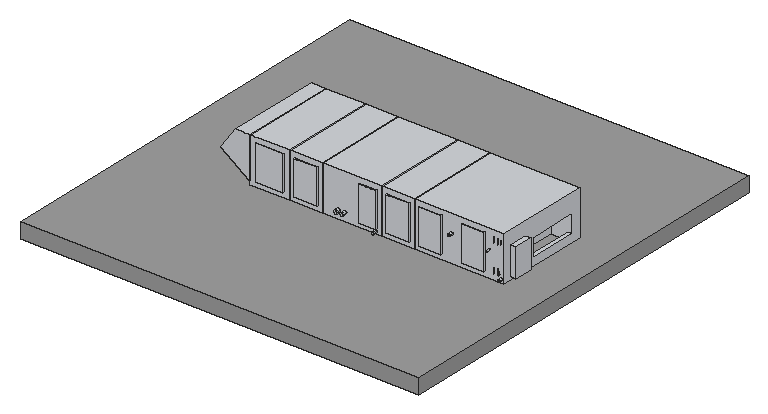
Revit family
Parameters (values of type "4 Row DX-R22")
  Wheel Size [instance] = ""
  Voltage = 480 V
  Unit Weight (lbs) = 3319  # constant formula
  URL = "http://www.appliedair.com"
  Total Static Pressure [instance] = 0.00 in-wg
  Total Heating Capacity [instance] = 0.0 Btu/h
  Total Cooling Capacity [instance] = 0.0 Btu/h
  Temperature Rise [instance] = 0 °F
  Supply Air Pressure Drop [instance] = 0.00 in-wg
  Supply Air Outlet Flow [instance] = 0 CFM
  Supply Air Inlet Flow [instance] = 0 CFM
  Series = "IFL"
  Return Coil Horizontal Offset = 1' - 1"  # constant formula
  Return Air Inlet Flow [instance] = 0 CFM
  Return Air Flow Height = 1' - 8"
  Refrigerant Type = "R22"
  Refrigerant Supply Pressure [instance] = 0.00 psi
  Refrigerant Supply Flow [instance] = 0 GPM
  Refrigerant Return Pressure [instance] = 0.00 psi
  Refrigerant Return Flow [instance] = 0 GPM
  Product URL = "http://www.appliedair.com/ifl.asp"
  Power Vertical Offset = 1' - 2 1/4"
  Power Horizontal Offset = 2' - 6"
  Power Connection Radius = 0' - 0 3/4"
  Phase = 3
  Output Heat [instance] = 0.0 Btu/h
  OmniClass = "23-75 10 24 21 27 17"
  Number of Rows = 4
  Number of Poles = 3
  Nominal Width = 6' - 4"  # constant formula
  Nominal Length = 18' - 11 5/16"  # constant formula
  Nominal Height = 3' - 0"  # constant formula
  Motor Horsepower (HP) [instance] = 0
  Motor Brake Horsepower (BHP) [instance] = 0
  Motor Amps [instance] = 0 A
  Model = "20"
  Minimum Input [instance] = 0.0 Btu/h
  Minimum Air Flow = 1500 CFM
  Maximum Input [instance] = 0.0 Btu/h
  Maximum Air Flow = 5000 CFM
  Manufacturer = "Applied Air"
  M = 3' - 4"  # constant formula
  L = 1' - 2 1/2"  # constant formula
  K = 2' - 4 11/16"  # constant formula
  J = 0' - 6 3/8"  # constant formula
  Heating Leaving Water Temperature [instance] = 0 °F
  Heating Leaving Air Temperature Wet Bulb [instance] = 0 °F
  Heating Leaving Air Temperature Dry Bulb [instance] = 0 °F
  Heating Entering Water Temperature [instance] = 0 °F
  Heating Entering Air Temperature Wet Bulb [instance] = 0 °F
  Heating Entering Air Temperature Dry Bulb [instance] = 0 °F
  Gas Vertical Offset = 1' - 9"  # constant formula
  Gas Horizontal Offset = 0' - 11 1/2"
  Gas Connection Radius = 0' - 0 3/8"  # constant formula
  Condensate Vertical Offset = 0' - 2 3/4"
  Condensate Radius = 0' - 0 3/4"  # constant formula
  Gas Pressure Drop [instance] = 0.00 psi
  Gas Input [instance] = 0.0 Btu/h
  Condensate Drain  Horizontal Offset = 0' - 1 27/32"
  Gas Flow [instance] = 0 GPM
  Condensate Drain Connection Radius = Condensate Radius  # 0' - 0 3/4"
  Furnace Size [instance] = ""
  Frequency = 60 Hz
  Fan Speed (RPM) [instance] = 0
  Face Velocity (FPM) [instance] = 0
  Face Pressure Drop [instance] = 0' - 0"
  Drain Pressure Drop [instance] = 0.00 psi
  Drain Flow [instance] = 0 GPM
  Description = "Dedicated Outside Air Split System"
  Cooling Sensible Capacity [instance] = 0 Btu/h
  Cooling Leaving Air Temperature Wet Bulb [instance] = 0 °F
  Cooling Leaving Air Temperature Dry Bulb [instance] = 0 °F
  Cooling Entering Air Temperature Wet Bulb [instance] = 0 °F
  Cooling Entering Air Temperature Dry Bulb [instance] = 0 °F
  Cooling Coil Radius = 0' 2 1/2" / 2  # 0' - 1 1/4"
  H = 0' - 3 1/16"
  G = 1' - 11 5/16"
  Drain Vertical Offset = 0' - 2"
  Drain Radius = 0' - 1"
  Drain Horizontal Offset = 0' - 5"
  Default Elevation = 4' - 0"
  F = 2' - 2"
  E = 4' - 0"
  D = 5' - 4"
  Combustion Air Flow [instance] = 0 CFM
  Coils Depth = 0' - 3"
  Coil Outlet Vertical Offset = 2' - 5 113/256"  # constant formula
  Coil Face Area = if(Choose Coil Option = 1, 6.00 SF, if(Choose Coil Option = 2, 10.50 SF, 0.00 SF))  # 6.00 SF
  Choose Coil Option = 1
  Coil Inlet Vertical Offsets = 0' - 6 143/256"
  Supply Coil Horizontal Offset = 1' - 6"  # constant formula
  Burner Amps [instance] = 0 A
  B = 6' - 0"
  Assembly Code = "D3030200"
  Apparent Power [instance] = (Motor Amps + Burner Amps) * Voltage * sqrt(3)  # 0 VA
  AHU Material = Galvanized Steel
  24x63 DX Coils = Choose Coil Option = 2  # no
  24x36 DX Coils = Choose Coil Option = 1  # yes
Reference planes (in)
  plane 1 "Center (Front/Back)": y = 0
  plane 2: z = -0.00391
  plane 3 "Center (Left/Right)": x = 0
  plane 4: y = 38
  plane 5: y = -38
  plane 6: x = -24
  plane 7: x = 24
  plane 8: x = 50
  plane 9: z = 35.99609
  plane 10: x = 122
  plane 11: x = -50
  plane 12: x = -82
  plane 13: x = -105.3125
  plane 14: x = -11
  plane 15: x = -6
  plane 16: z = 6.55469
  plane 17: z = 6.55469
  plane 18: y = -41
  plane 19: x = 19
  plane 20: z = 1.99609
  plane 21: x = 80
  plane 22: z = 21.74609
  plane 23: z = 2.74609
  plane 24: x = 120.15625
  plane 25: x = 110.5
  plane 26: z = 20.99609
Forms (in)
  Extrusion 1, solid, material "Default"
    sketch origin (0, 0, 0) x (1, 0, 0) y (0, 1, 0)
      loop
        line (-164.84185, 166) -> (-164.84185, -165.6411) -> (155.35983, -165.6411) -> (155.35983, 166) -> (-164.84185, 166)
    from -0.00391 to -12
  Extrusion 2, solid
    sketch origin (0.62705, 0, 0) x (1, 0, 0) y (0, 0, 1)
      loop
        line (-24.62705, 0) -> (23.37295, 0) -> (23.37295, 35.99609) -> (-24.62705, 35.99609) -> (-24.62705, 0)
    from -38 to 38
  Extrusion 3, solid
    sketch origin (66.62705, 0, 0) x (1, 0, 0) y (0, 0, 1)
      loop
        line (-42.62705, 0) -> (-16.62705, 0) -> (-16.62705, 35.99609) -> (-42.62705, 35.99609) -> (-42.62705, 0)
    from -38 to 38
  Extrusion 4, solid
    sketch origin (120.62705, 0, 0) x (1, 0, 0) y (0, 0, 1)
      loop
        line (-70.62705, 0) -> (1.37295, 0) -> (1.37295, 35.99609) -> (-70.62705, 35.99609) -> (-70.62705, 0)
    from -38 to 38
  Extrusion 5, solid
    sketch origin (-17.37295, 0, 0) x (1, 0, 0) y (0, 0, 1)
      loop
        line (-32.62705, -0.00391) -> (-6.62705, -0.00391) -> (-6.62705, 35.99609) -> (-32.62705, 35.99609) -> (-32.62705, -0.00391)
    from -38 to 38
  Extrusion 6, solid
    sketch origin (-41.37295, 0, 0) x (1, 0, 0) y (0, 0, 1)
      loop
        line (-40.62705, -0.00391) -> (-8.62705, -0.00391) -> (-8.62705, 35.99609) -> (-40.62705, 35.99609) -> (-40.62705, -0.00391)
    from -38 to 38
  Extrusion 7, solid
    sketch origin (0, 0, 0) x (1, 0, 0) y (0, 0, 1)
      loop
        line (-105.3125, 18.99609) -> (-82, 2.99609) -> (-82, 35.99609) -> (-93.64494, 35.99609) -> (-105.3125, 18.99609)
    from -38 to 38
  Extrusion 8, void
    sketch origin (0, 0, 0) x (1, 0, 0) y (0, 1, 0)
      loop
        line (-75, 32) -> (-75, -32) -> (-55, -32) -> (-55, 32) -> (-75, 32)
    from 0 to 31.59567
  Extrusion 9, void
    sketch origin (0, 0, 0) x (0, 1, 0) y (0, 0, 1)
      loop
        line (-32, 9) -> (32, 9) -> (32, 29) -> (-32, 29) -> (-32, 9)
    from -55 to -94.13707
  Extrusion 10, void
    sketch origin (0, 0, 0) x (1, 0, 0) y (0, 1, 0)
      loop
        line (118.9375, -9.3125) -> (118.9375, 30.6875) -> (104.4375, 30.6875) -> (104.4375, -9.3125) -> (118.9375, -9.3125)
    from 0 to 21.23232
  Extrusion 11, void
    sketch origin (0, 0, 0) x (1, 0, 0) y (0, 0, 1)
      loop
        line (122, 6.37109) -> (122, 20.87109) -> (104.4375, 20.87109) -> (104.4375, 6.37109) -> (122, 6.37109)
    from -30.6875 to 9.3125
  Extrusion 12, solid
    sketch origin (0, 0, 0) x (1, 0, 0) y (0, 1, 0)
      loop
        line (122, -17) -> (122, -32) -> (127, -32) -> (127, -17) -> (122, -17)
    from 3.06225 to 25.87762
  Extrusion 13, solid
    sketch origin (0, 0, 0) x (1, 0, 0) y (0, 0, 1)
      loop
        circle (-6, 6.55469) r 1.25
      loop
        circle (-11, 6.55469) r 1.25
      loop
        circle (19, 1.99609) r 1
      loop
        circle (80, 21.74609) r 0.75
      loop
        circle (120.15625, 2.74609) r 0.75
      loop
        circle (110.5, 20.99609) r 0.375
    from 38 to 41
  Extrusion 14, solid
    sketch origin (0, -38, 0) x (1, 0, 0) y (0, 0, 1)
      loop
        line (-55, 31.99609) -> (-77, 31.99609) -> (-77, 3.99609) -> (-55, 3.99609) -> (-55, 31.99609)
      loop
        line (-28, 31.99609) -> (-46, 31.99609) -> (-46, 3.99609) -> (-28, 3.99609) -> (-28, 31.99609)
      loop
        line (20, 31.99609) -> (6, 31.99609) -> (6, 3.99609) -> (20, 3.99609) -> (20, 31.99609)
      loop
        line (46, 31.99609) -> (28, 31.99609) -> (28, 3.99609) -> (46, 3.99609) -> (46, 31.99609)
      loop
        line (72, 31.99609) -> (54, 31.99609) -> (54, 3.99609) -> (72, 3.99609) -> (72, 31.99609)
      loop
        line (107, 31.99609) -> (89, 31.99609) -> (89, 3.99609) -> (107, 3.99609) -> (107, 31.99609)
    from 0 to 1
  Extrusion 15, void
    sketch origin (-0.35783, 0, -2.35783) x (1, 0, 0) y (0, 0, 1)
      loop
        line (114.55215, 32.70523) -> (114.55215, 32.20523) -> (116.80215, 32.20523) -> (116.80215, 32.70523) -> (114.55215, 32.70523)
      loop
        line (117.55215, 32.70523) -> (117.55215, 32.20523) -> (119.80215, 32.20523) -> (119.80215, 32.70523) -> (117.55215, 32.70523)
      loop
        line (114.55215, 33.45523) -> (114.55215, 32.95523) -> (116.80215, 32.95523) -> (116.80215, 33.45523) -> (114.55215, 33.45523)
      loop
        line (117.55215, 33.45523) -> (117.55215, 32.95523) -> (119.80215, 32.95523) -> (119.80215, 33.45523) -> (117.55215, 33.45523)
      loop
        line (114.55215, 31.95523) -> (114.55215, 31.45523) -> (116.80215, 31.45523) -> (116.80215, 31.95523) -> (114.55215, 31.95523)
      loop
        line (117.55215, 31.95523) -> (117.55215, 31.45523) -> (119.80215, 31.45523) -> (119.80215, 31.95523) -> (117.55215, 31.95523)
      loop
        line (114.55215, 31.20523) -> (114.55215, 30.70523) -> (116.80215, 30.70523) -> (116.80215, 31.20523) -> (114.55215, 31.20523)
      loop
        line (117.55215, 31.20523) -> (117.55215, 30.70523) -> (119.80215, 30.70523) -> (119.80215, 31.20523) -> (117.55215, 31.20523)
      loop
        line (114.55215, 30.45523) -> (114.55215, 29.95523) -> (116.80215, 29.95523) -> (116.80215, 30.45523) -> (114.55215, 30.45523)
      loop
        line (117.55215, 30.45523) -> (117.55215, 29.95523) -> (119.80215, 29.95523) -> (119.80215, 30.45523) -> (117.55215, 30.45523)
      loop
        line (114.55215, 29.70523) -> (114.55215, 29.20523) -> (116.80215, 29.20523) -> (116.80215, 29.70523) -> (114.55215, 29.70523)
      loop
        line (117.55215, 29.70523) -> (117.55215, 29.20523) -> (119.80215, 29.20523) -> (119.80215, 29.70523) -> (117.55215, 29.70523)
      loop
        line (114.55215, 7.78696) -> (116.80215, 7.78696) -> (116.80215, 8.28696) -> (114.55215, 8.28696) -> (114.55215, 7.78696)
      loop
        line (117.55215, 7.78696) -> (119.80215, 7.78696) -> (119.80215, 8.28696) -> (117.55215, 8.28696) -> (117.55215, 7.78696)
      loop
        line (114.55215, 7.03696) -> (116.80215, 7.03696) -> (116.80215, 7.53696) -> (114.55215, 7.53696) -> (114.55215, 7.03696)
      loop
        line (117.55215, 7.03696) -> (119.80215, 7.03696) -> (119.80215, 7.53696) -> (117.55215, 7.53696) -> (117.55215, 7.03696)
      loop
        line (114.55215, 8.53696) -> (116.80215, 8.53696) -> (116.80215, 9.03696) -> (114.55215, 9.03696) -> (114.55215, 8.53696)
      loop
        line (117.55215, 8.53696) -> (119.80215, 8.53696) -> (119.80215, 9.03696) -> (117.55215, 9.03696) -> (117.55215, 8.53696)
      loop
        line (114.55215, 9.28696) -> (116.80215, 9.28696) -> (116.80215, 9.78696) -> (114.55215, 9.78696) -> (114.55215, 9.28696)
      loop
        line (117.55215, 9.28696) -> (119.80215, 9.28696) -> (119.80215, 9.78696) -> (117.55215, 9.78696) -> (117.55215, 9.28696)
      loop
        line (114.55215, 10.03696) -> (116.80215, 10.03696) -> (116.80215, 10.53696) -> (114.55215, 10.53696) -> (114.55215, 10.03696)
      loop
        line (117.55215, 10.03696) -> (119.80215, 10.03696) -> (119.80215, 10.53696) -> (117.55215, 10.53696) -> (117.55215, 10.03696)
      loop
        line (114.55215, 10.78696) -> (116.80215, 10.78696) -> (116.80215, 11.28696) -> (114.55215, 11.28696) -> (114.55215, 10.78696)
      loop
        line (117.55215, 10.78696) -> (119.80215, 10.78696) -> (119.80215, 11.28696) -> (117.55215, 11.28696) -> (117.55215, 10.78696)
    from 32 to 38
Cuts and joins
  Extrusion 8, Extrusion 9 cuts Extrusion 6
  Extrusion 9 cuts Extrusion 2
  Extrusion 9 cuts Extrusion 3
  Extrusion 9 cuts Extrusion 7
  Extrusion 10, Extrusion 11, Extrusion 15 cuts Extrusion 4
Dimensions and locks (in)
  "Nominal Width": plane 5 to plane 4
  "E": plane 6 to plane 7
  equal spacing: plane 6, plane 3 "Center (Left/Right)", plane 7
  "Nominal Height": plane 9 to plane 2
  "F": plane 7 to plane 8
  "F": plane 11 to plane 6
  locked: plane 12 to plane 11 at 32
  "B": plane 8 to plane 10
  "G": plane 13 to plane 12
  "D": Extrusion 8 sketch curve to Extrusion 8 sketch curve
  locked: Extrusion 8 sketch curve to Extrusion 8 sketch curve at 20
  locked: Extrusion 9 sketch curve to Extrusion 9 sketch curve at 20
  "D": Extrusion 9 sketch curve to Extrusion 9 sketch curve
  locked: level to Extrusion 9 sketch curve at 9
  "K": plane 5 to Extrusion 10 sketch curve
  "M": Extrusion 10 sketch curve to Extrusion 10 sketch curve
  "H": Extrusion 10 sketch curve to plane 10
  "L": Extrusion 10 sketch curve to Extrusion 10 sketch curve
  "J": Extrusion 11 sketch curve to plane 2
  "L": Extrusion 11 sketch curve to Extrusion 11 sketch curve
  "K": cut or joined group of Extrusion 4, Extrusion 10, Extrusion 11, Extrusion 15 to plane 5
  "M": cut or joined group of Extrusion 4, Extrusion 10, Extrusion 11, Extrusion 15 to cut or joined group of Extrusion 4, Extrusion 10, Extrusion 11, Extrusion 15
  locked: plane 9 to Extrusion 12 at 10.11847
  locked: Extrusion 12 to Extrusion 12 at 22.81538
  locked: Extrusion 12 to plane 2 at 3.06615
  locked: Extrusion 12 to Extrusion 12 at 5
  "Coils Depth": plane 18 to plane 5
  "Coil Inlet Vertical Offsets": plane 16 to plane 2
  "Coil Outlet Vertical Offset": plane 9 to plane 17
  "Return Coil Horizontal Offset": plane 6 to plane 14
  "Supply Coil Horizontal Offset": plane 6 to plane 15
  "Drain Vertical Offset": plane 20 to plane 2
  "Drain Horizontal Offset": plane 19 to plane 7
  locked: plane 12 to Extrusion 14 sketch curve at 5
  locked: Extrusion 14 sketch curve to plane 11 at 5
  locked: plane 9 to Extrusion 14 sketch curve at 4  (x6)
  locked: Extrusion 14 sketch curve to plane 2 at 4  (x6)
  locked: plane 11 to Extrusion 14 sketch curve at 4
  locked: Extrusion 14 sketch curve to plane 6 at 4
  locked: plane 6 to Extrusion 14 sketch curve at 30
  locked: Extrusion 14 sketch curve to plane 7 at 4
  locked: plane 7 to Extrusion 14 sketch curve at 4
  locked: Extrusion 14 sketch curve to plane 8 at 4
  locked: plane 8 to Extrusion 14 sketch curve at 4
  locked: Extrusion 14 sketch curve to Extrusion 14 sketch curve at 17
  locked: Extrusion 14 sketch curve to plane 10 at 15
  "Power Vertical Offset": plane 9 to plane 22
  "Power Horizontal Offset": plane 8 to plane 21
  locked: Extrusion 14 to plane 5 at 1
  "Condensate Vertical Offset": plane 23 to plane 2
  plane 13 to plane 10 = 18' - 11 5/16"
  "Condensate Drain  Horizontal Offset": plane 24 to plane 10
  "Gas Vertical Offset": plane 26 to plane 2
  "Gas Horizontal Offset": plane 25 to plane 10
  locked: Extrusion 13 sketch curve to plane 14 at 0
  locked: Extrusion 13 sketch curve to plane 15 at 0
  locked: Extrusion 13 sketch curve to plane 19 at 0
  locked: Extrusion 13 sketch curve to plane 21 at 0
  locked: Extrusion 13 sketch curve to plane 25 at 0
  locked: Extrusion 13 sketch curve to plane 23 at 0
  locked: Extrusion 13 sketch curve to plane 24 at 0
  locked: Extrusion 13 sketch curve to plane 20 at 0
  locked: Extrusion 13 sketch curve to plane 16 at 0
  locked: Extrusion 13 sketch curve to plane 26 at 0
  locked: Extrusion 13 sketch curve to plane 22 at 0
  locked: Extrusion 13 sketch curve to plane 17 at 0
  "Cooling Coil Radius": radius of Extrusion 13 sketch curve  (x2)
  "Drain Radius": radius of Extrusion 13 sketch curve
  "Power Connection Radius": radius of Extrusion 13 sketch curve
  "Condensate Drain Connection Radius": radius of Extrusion 13 sketch curve
  "Gas Connection Radius": radius of Extrusion 13 sketch curve
  aligned and locked: plane 2 to Extrusion 1
  aligned and locked: Extrusion 2 to plane 4
  aligned and locked: plane 5 to Extrusion 2
  aligned and locked: plane 6 to Extrusion 2
  aligned and locked: plane 7 to Extrusion 2
  aligned and locked: plane 7 to Extrusion 3
  aligned and locked: Extrusion 3 to plane 8
  aligned and locked: plane 9 to Extrusion 2
  aligned and locked: Extrusion 3 to Extrusion 2
  aligned and locked: plane 5 to Extrusion 3
  aligned and locked: Extrusion 3 to plane 4
  aligned and locked: Extrusion 4 to plane 9
  aligned and locked: plane 8 to Extrusion 4
  aligned and locked: Extrusion 4 to plane 10
  aligned and locked: plane 5 to Extrusion 4
  aligned and locked: Extrusion 4 to plane 4
  aligned and locked: Extrusion 5 to plane 6
  aligned and locked: plane 11 to Extrusion 5
  aligned and locked: Extrusion 5 to plane 9
  aligned and locked: Extrusion 5 to plane 2
  aligned and locked: Extrusion 5 to plane 4
  aligned and locked: plane 5 to Extrusion 5
  aligned and locked: plane 5 to Extrusion 6
  aligned and locked: Extrusion 6 to plane 4
  aligned and locked: plane 12 to Extrusion 6
  aligned and locked: Extrusion 6 to plane 11
  aligned and locked: Extrusion 6 to plane 9
  aligned and locked: Extrusion 6 to plane 2
  aligned and locked: Extrusion 7 to plane 9
  aligned and locked: plane 13 to Extrusion 7
  aligned and locked: Extrusion 7 to plane 12
  aligned and locked: Extrusion 7 to plane 4
  aligned and locked: plane 5 to Extrusion 7
  aligned and locked: cut or joined group of Extrusion 6, Extrusion 8, Extrusion 9 to Extrusion 9 sketch curve
  aligned and locked: cut or joined group of Extrusion 6, Extrusion 8, Extrusion 9 to Extrusion 9
  aligned and locked: Extrusion 10 to level
  aligned and locked: cut or joined group of Extrusion 4, Extrusion 10, Extrusion 11, Extrusion 15 to Extrusion 11 sketch curve
  aligned and locked: plane 10 to Extrusion 11 sketch curve
  aligned and locked: plane 10 to Extrusion 12
  aligned and locked: plane 5 to Extrusion 13
  aligned and locked: plane 18 to Extrusion 13
  aligned and locked: Extrusion 14 to plane 5
  aligned and locked: cut or joined group of Extrusion 4, Extrusion 10, Extrusion 11, Extrusion 15 to plane 5
Automatic sketch dimensions
  Extrusion 1 sketch curve to Extrusion 1 sketch curve = 26' - 8.20168"
  Extrusion 1 sketch curve to Extrusion 1 sketch curve = 27' - 7.6411"
  Extrusion 2 sketch curve to level = 0' - 0"
  Extrusion 2 sketch curve to plane 6 = 0' - 0"
  Extrusion 2 sketch curve to plane 7 = 0' - 0"
  Extrusion 2 sketch curve to plane 9 = 0' - 0"
  Extrusion 3 sketch curve to level = 0' - 0"
  Extrusion 3 sketch curve to plane 7 = 0' - 0"
  Extrusion 3 sketch curve to plane 8 = 0' - 0"
  Extrusion 3 sketch curve to plane 9 = 0' - 0"
  Extrusion 4 sketch curve to level = 0' - 0"
  Extrusion 4 sketch curve to plane 8 = 0' - 0"
  Extrusion 4 sketch curve to plane 9 = 0' - 0"
  Extrusion 4 sketch curve to plane 10 = 0' - 0"
  Extrusion 5 sketch curve to plane 2 = 0' - 0"
  Extrusion 5 sketch curve to plane 11 = 0' - 0"
  Extrusion 5 sketch curve to plane 6 = 0' - 0"
  Extrusion 5 sketch curve to plane 9 = 0' - 0"
  Extrusion 6 sketch curve to plane 2 = 0' - 0"
  Extrusion 6 sketch curve to plane 12 = 0' - 0"
  Extrusion 6 sketch curve to plane 9 = 0' - 0"
  Extrusion 6 sketch curve to plane 11 = 0' - 0"
  Extrusion 7 sketch curve to plane 13 = 0' - 0"
  Extrusion 7 sketch curve to plane 9 = 0' - 0"
  Extrusion 7 sketch curve to plane 12 = 0' - 0"
  plane 12 to Extrusion 7 sketch curve = 0' - 11.64494"
  Extrusion 8 sketch curve to plane 12 = 0' - 7"
  Extrusion 8 sketch curve to plane 5 = 0' - 6"
  Extrusion 12 sketch curve to plane 10 = 0' - 0"
  Extrusion 12 sketch curve to plane 10 = 0' - 5"
  Extrusion 12 sketch curve to plane 5 = 0' - 6"
  Extrusion 12 sketch curve to Extrusion 12 sketch curve = 1' - 3"
  Extrusion 14 sketch curve to Extrusion 14 sketch curve = 1' - 6"
  Extrusion 15 sketch curve to Extrusion 15 sketch curve = 0' - 0"  (x41)
  Extrusion 15 sketch curve to Extrusion 15 sketch curve = 0' - 0 1/2"  (x23)
  Extrusion 15 sketch curve to Extrusion 15 sketch curve = 0' - 0 1/4"  (x20)
  plane 26 to Extrusion 7 sketch curve = 0' - 2"
  Extrusion 15 sketch curve to Extrusion 15 sketch curve = 0' - 2 1/4"  (x5)
  Extrusion 15 sketch curve to Extrusion 15 sketch curve = 0' - 0 3/4"  (x4)
  plane 9 to Extrusion 15 sketch curve = 2' - 7.31696"
  Extrusion 15 sketch curve to Extrusion 15 sketch curve = 1' - 5.91827"
  plane 10 to Extrusion 15 sketch curve = 0' - 7.80568"
Connectors (in)
  hvac at (-93.65625, 0, 10.99609), driven by "D", driven by "Return Air Flow Height", driven by "Supply Air Inlet Flow"
    settings: on cut or joined group of Extrusion 7, Extrusion 9, index 1
  hvac at (-65, 0, -0.00391), driven by "D", driven by "Return Air Flow Height", driven by "Return Air Inlet Flow"
    settings: on cut or joined group of Extrusion 6, Extrusion 8, Extrusion 9, index 2
  hvac at (111.6875, 10.6875, 0), driven by "M", driven by "L", driven by "Supply Air Outlet Flow"
    settings: on cut or joined group of Extrusion 4, Extrusion 10, Extrusion 11, Extrusion 15, index 3
  hvac at (122, 10.6875, 13.62109), driven by "M", driven by "L", driven by "Supply Air Outlet Flow"
    settings: on cut or joined group of Extrusion 4, Extrusion 10, Extrusion 11, Extrusion 15, index 4
  piping at (-11, -41, 6.55469), driven by "Cooling Coil Radius", driven by "Refrigerant Return Flow", driven by "Refrigerant Return Pressure"
    settings: on Extrusion 13, index 5
  piping at (-6, -41, 6.55469), driven by "Cooling Coil Radius", driven by "Refrigerant Supply Flow", driven by "Refrigerant Supply Pressure"
    settings: on Extrusion 13, index 6
  piping at (19, -41, 1.99609), driven by "Drain Radius", driven by "Drain Flow"
    settings: on Extrusion 13, index 7
  electrical at (80, -41, 21.74609), driven by "Number of Poles", driven by "Apparent Power", driven by "Voltage"
    settings: on Extrusion 13, index 8
  piping at (120.15625, -41, 2.74609), driven by "Condensate Radius", driven by "Drain Flow", driven by "Gas Pressure Drop"
    settings: on Extrusion 13, index 9
  piping at (110.5, -41, 20.99609), driven by "Gas Connection Radius", driven by "Gas Flow"
    settings: on Extrusion 13, index 10
